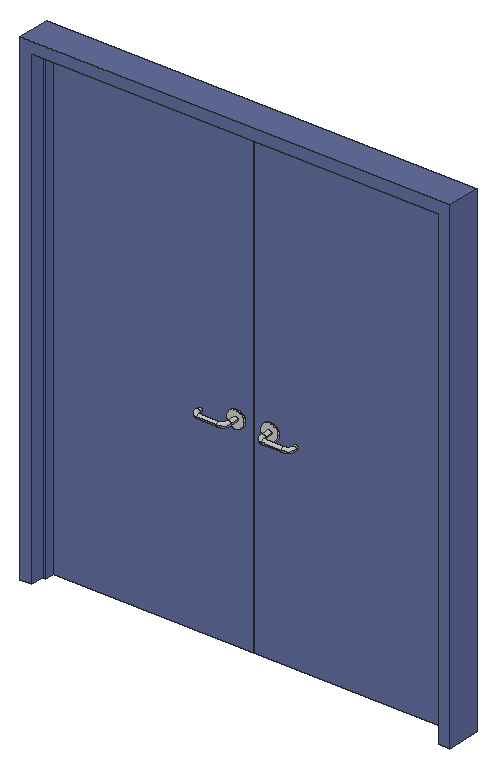
Revit family "Door_BulletResistant_Ambico_Double-Flush", category Doors, host Wall, Revit 2026
Family settings
  Host = Wall
  Classification Number = 23.30.10.21.14
  Always vertical = Yes
  Cut with Voids When Loaded = No
  Shared = No
  Room Calculation Point = No
Parameters (values of type "ByType")
  ofst = 0' - 0"
  Wind Load = ""
  Water Penetration = ""
  Stop Width = 0' - 0 5/8"
  Sound Transmission Class (STC) = 0
  RO Offset = 0' - 0"
  Panel Height = Height  # 7' - 0"
  Hardware Finish = Metal - Stainless Steel - Ambico - 4 Finish
  Handle Type Interior [instance] = Handle_Generic Lever : Handle_Generic Lever
  Handle Type Exterior [instance] = Handle_Generic Lever : Handle_Generic Lever
  Handle Height [instance] = 3' - 0"
  Function = Interior
  Frame Width = 0' - 2"
  Frame Thickness = 0' - 5 7/8"
  Frame Inset from Exterior [instance] = 0' - 0"
  Frame Finish = Metal - Steel - Ambico - Painted - Blue
  Bullet Resistance = ""
  Building Code Conformance = ""
  Air Infiltration = ""
  ASTM Conformance = ""
  Panel Width = Width / 2  # 3' - 0"
  Panel Material = Metal - Steel - Ambico - Painted - Blue
  Manufacturer Phone = "613-746-4663 "
  Warranty Duration (Years) = 0
  URL = "http://www.ambico.com/"
  Thickness = 0' - 1 3/4"
  Test Data = ""
  Specification = "http://www.arcat.com/sd/clients/ambico.html?coid=40356"
  SpecWizard = ""
  Send Message = "http://www.arcat.com/users.pl?action=UserEmail&company=Ambico Limited&coid=40356&rep=119&fax=800-465-8561&mf="
  Sales Information = "http://www.ambico.com/contact.html"
  Rough Width = (Width + (RO Offset * 2))  # 6' - 0"
  Rough Height = (Height + (RO Offset))  # 7' - 0"
  R_Value = 0
  Product Properties = ""
  Product Data = "http://www.arcat.com/arcatcos/cos40/arc40356.html"
  Manufacturer Website = "http://www.ambico.com/"
  Manufacturer Phone - Toll Free = "888-423-2224"
  Manufacturer Fax = "800-465-8561"
  Manufacturer Address = "1120 Cummings Ave. Ottawa, ON Canada K1J 7R8"
  Maintenance Schedule (Months) = 0
  Installation-Fabrication = "http://www.ambico.com/specs-a-cads-library.html"
  Installation Phase = ""
  Green Building-LEED = "http://www.arcat.com/green/clients/leed_data_40356.html"
  Model = "As Specified"
  Manufacturer = "Ambico Limited"
  Keynote = "08300"
  Height = 7' - 0"
  Wall Closure = By host
  Width = 6' - 0"
  Fire Rating = "As Specified in 08300"
  Expected Lifespan (Years) = 0
  Drawn By = "Sumex Design, Inc. / Robert S. Weygant, CSI, CDT, SCIP"
  Description = "Ambico Door as Specified"
  Copyright = "©Arcat Inc."
  Construction Details = "http://www.arcat.com/details/ambico/ambico.html?coid=40356"
  Building Codes = ""
  Assembly Code = ""
  ADA Compliant = yes
  AAMA Designation = ""
Reference planes (in)
  plane 1 "Center (Front/Back)": y = -34.46225
  plane 2 "Center (Left/Right)": x = 62.28704
  plane 3: z = 0
  plane 4 "Right": x = 100.28704
  plane 5 "Left": x = 24.28704
  plane 6 "Closure": y = -36.46225
  plane 7: z = 0
  plane 8 "Top of Frame": z = 86
  plane 9 "RO Top": z = 86
  plane 10 "RO Right": x = 100.28704
  plane 11 "RO Left": x = 24.28704
  plane 12 "Frame Ext": y = -31.96225
  plane 13 "Frame Int": y = -37.83725
  plane 14: x = 98.28704
  plane 15: x = 26.28704
  plane 16: z = 84
  plane 17: z = 36
  plane 18: y = -33.71225
  plane 19: y = -33.71225
  plane 20: y = -31.96225
Forms (in)
  Sweep 1, solid, material "Metal - Steel - Ambico - Painted - Blue" <- "Frame Finish"
    path origin (1.99114, -31.96225, 48) x (-1, 0, 0) y (0, 0, 1)
      loop
        line (-98.2959, -48) -> (-98.2959, 38) -> (-22.2959, 38) -> (-22.2959, -48)
    profile "P_Frame_Standard : P_Frame_Standard" origin (100.28704, -31.96225, 43) x (1, 0, 0) y (0, 1, 0)
      loop
        line (0, 0) -> (-2, 0) -> (-2, -1.9375) -> (-2.625, -1.9375) -> (-2.625, -3.4375) -> (-2, -3.4375) -> (-2, -5.875) -> (0, -5.875) -> (0, 0)
  Sweep 2, solid, material "Metal - Steel - Ambico - Painted - Blue" <- "Panel Material"
    path in 3D
      loop
        line (62.28704, -31.96225, 84) -> (62.28704, -31.96225, 0)
    profile origin (62.28704, -31.96225, 42) x (1, 0, 0) y (0, 1, 0)
      loop
        line (1, 0) -> (1, 0.25) -> (-1, 0.25) -> (-1, 0) -> (1, 0)
Lines and regions (in)
  Opening 1
    outline origin (-109.33485, -36.46225, 0) x (1, 0, 0) y (0, 0, 1)
      loop
        line (133.62189, 0) -> (209.62189, 0) -> (209.62189, 86) -> (133.62189, 86) -> (133.62189, 0)
  sketch lines
    curve 1: line (62.28704, -31.96225, 84) -> (62.28704, -31.96225, 0)
Text (in)
  text "Exterior" at (50.54558, 27.31104, 0), in view "A101 - Plan View"
  text "Interior" at (50.54558, -25.14366, 0), in view "A101 - Plan View"
  text "Exterior" at (0, -17.98638, 123.01588), in view "Right"
  text "Interior" at (0, -64.39139, 123.01588), in view "Right"
  text "Interior" at (0, -52.09468, 121.14095), in view "Left"
  text "Exterior" at (0, 26.35325, 123.00693), in view "Left"
Dimensions and locks (in)
  equal spacing: plane 4 "Right", plane 2 "Center (Left/Right)", plane 5 "Left"
  "RO Offset": plane 5 "Left" to plane 11 "RO Left"
  "RO Offset": plane 10 "RO Right" to plane 4 "Right"
  "RO Offset": plane 9 "RO Top" to plane 8 "Top of Frame"
  "Frame Thickness": plane 12 "Frame Ext" to plane 13 "Frame Int"
  "Frame Width": plane 16 to plane 8 "Top of Frame"
  "Frame Width": plane 4 "Right" to plane 14
  "Frame Width": plane 5 "Left" to plane 15
  "Frame Inset from Exterior": plane 20 to plane 12 "Frame Ext"
  "Handle Height": level to plane 17
  locked: plane 2 "Center (Left/Right)" to nested 3 at 3
  locked: plane 2 "Center (Left/Right)" to nested 2 at 3
  "Thickness": plane 12 "Frame Ext" to plane 19
  "ofst": plane 18 to plane 19
  locked: plane 20 to host wall at 0.5
  "Height": level to plane 16
  "Width": plane 15 to plane 14
  locked: plane 2 "Center (Left/Right)" to nested 5 at 3
  locked: plane 2 "Center (Left/Right)" to nested 6 at 3
  aligned and locked: host wall to plane 1 "Center (Front/Back)"
  aligned and locked: host wall to plane 6 "Closure"
  aligned and locked: plane 12 "Frame Ext" to nested 1
  aligned and locked: plane 17 to nested 3
  aligned and locked: nested 2 to plane 17
  aligned and locked: nested 1 to plane 14
  aligned and locked: nested 4 to plane 15
  aligned and locked: plane 12 "Frame Ext" to nested 4
  aligned and locked: plane 17 to nested 5
  aligned and locked: nested 6 to plane 17
Automatic sketch dimensions
  Opening 1 sketch curve to plane 9 "RO Top" = 0' - 0"
  Opening 1 sketch curve to plane 11 "RO Left" = 0' - 0"
  Opening 1 sketch curve to plane 10 "RO Right" = 0' - 0"
  Opening 1 sketch curve to level = 0' - 0"
  Sweep 1 sketch curve to plane 4 "Right" = 0' - 0"
  Sweep 1 sketch curve to plane 5 "Left" = 0' - 0"
  Sweep 1 sketch curve to level = 0' - 0"  (x2)
  Sweep 1 sketch curve to plane 8 "Top of Frame" = 0' - 0"
  Sweep 2 sketch curve to profile plane = 0' - 0"
  Sweep 2 sketch curve to profile plane = 0' - 1"
  profile plane to Sweep 2 sketch curve = 0' - 1"
  Sweep 2 sketch curve to profile plane = 0' - 0 1/4"
Nested families (in)
  nested 1: "Panel_Flush" at (80.28704, -32.83725, 0) x (-1, 0, 0) z (0, 0, 1), Material <- "Panel Material", Width <- "Panel Width", Thickness <- "Thickness", Height <- "Panel Height", type "Panel_Flush"
    with offset 0' - 0", Width 3' - 0", Thickness 0' - 1 3/4", Material Metal - Steel - Ambico - Painted - Blue, Height 7' - 0", Applied Panel no
  nested 2: "Handle_Generic Lever" at (65.28704, -31.96225, 36) x (-1, 0, 0) z (0, 1, 0), Material <- "Hardware Finish", type <- "Handle Type Exterior", type "Handle_Generic Lever"
    with Material Metal - Stainless Steel - Ambico - 4 Finish
  nested 3: "Handle_Generic Lever" at (65.28704, -33.71225, 36) x (-1, 0, 0) z (0, -1, 0), Material <- "Hardware Finish", type <- "Handle Type Interior", type "Handle_Generic Lever"
    with Material Metal - Stainless Steel - Ambico - 4 Finish
  nested 4: "Panel_Flush" at (44.28704, -32.83725, 0), Material <- "Panel Material", Width <- "Panel Width", Thickness <- "Thickness", Height <- "Panel Height", type "Panel_Flush"
    with offset 0' - 0", Width 3' - 0", Thickness 0' - 1 3/4", Material Metal - Steel - Ambico - Painted - Blue, Height 7' - 0", Applied Panel no
  nested 5: "Handle_Generic Lever" at (59.28704, -31.96225, 36) x (1, 0, 0) z (0, 1, 0), Material <- "Hardware Finish", type <- "Handle Type Exterior", type "Handle_Generic Lever"
    with Material Metal - Stainless Steel - Ambico - 4 Finish
  nested 6: "Handle_Generic Lever" at (59.28704, -33.71225, 36) x (1, 0, 0) z (0, -1, 0), Material <- "Hardware Finish", type <- "Handle Type Interior", type "Handle_Generic Lever"
    with Material Metal - Stainless Steel - Ambico - 4 Finish
Definition of nested family "Panel_Flush"
  Parameters
    offset [instance] = 0' - 0"
    Width [instance] = 3' - 0"
    Warranty Duration (Years) = 0
    URL = "http://www.ambico.com/"
    Thickness [instance] = 0' - 2"
    Specification = "http://www.arcat.com/sd/clients/ambico.html?coid=40356"
    SpecWizard = ""
    Send Message = "http://www.arcat.com/users.pl?action=UserEmail&company=Ambico Limited&coid=40356&rep=119&fax=800-465-8561&mf="
    Sales Information = "http://www.ambico.com/contact.html"
    Revision = "R1_03-2012"
    Product Properties = ""
    Product Data = "http://www.arcat.com/arcatcos/cos40/arc40356.html"
    Model = "As Specified"
    Material [instance] = none
    Manufacturer Website = "http://www.ambico.com/"
    Manufacturer Phone - Toll Free = "888-423-2224"
    Manufacturer Phone = "613-746-4663 "
    Manufacturer Fax = "800-465-8561"
    Manufacturer Address = "1120 Cummings Ave. Ottawa, ON Canada K1J 7R8"
    Manufacturer = "Ambico Limited"
    Maintenance Schedule (Months) = 0
    Keynote = "08300"
    Installation-Fabrication = "http://www.ambico.com/specs-a-cads-library.html"
    Installation Phase = ""
    Height [instance] = 7' - 0"
    Green Building-LEED = "http://www.arcat.com/green/clients/leed_data_40356.html"
    Expected Lifespan (Years) = 0
    Drawn By = "Sumex Design, Inc. / Robert S. Weygant, CSI, CDT, SCIP"
    Description = "Ambico Door Product as Specified"
    Default Elevation = 4' - 0"
    Copyright = "©Arcat Inc."
    Construction Details = "http://www.arcat.com/details/ambico/ambico.html?coid=40356"
    Assembly Code = ""
    Applied Panel [instance] = yes
  Reference planes (in)
    plane 1 "Center (Front/Back)": y = 0
    plane 2 "Bottom": z = 0
    plane 3 "Center (Left/Right)": x = 0
    plane 4 "Front": y = -1
    plane 5 "Back": y = 1
    plane 6 "Left": x = -18
    plane 7 "Right": x = 18
    plane 8 "Top": z = 84
    plane 9: z = 42
  Forms (in)
    Extrusion 1, solid, material <- "Material"
      sketch origin (0, 1, 0) x (-1, 0, 0) y (0, 0, 1)
        loop
          line (18, 84) -> (-18, 84) -> (-18, 0) -> (18, 0) -> (18, 84)
      from 0 to -2
    Extrusion 2, solid, material <- "Material", visible <- "Applied Panel"
      sketch origin (-11.94222, -1, 48) x (-1, 0, 0) y (0, 0, 1)
        loop
          line (5.55778, 35.5) -> (-29.44222, 35.5) -> (-29.44222, -48) -> (5.55778, -48) -> (5.55778, 35.5)
      from 0 to -1
  Lines and regions (in)
    symbolic lines
      curve 1: line (18, 0, 84) -> (-18, 0, 42)
      curve 2: line (-18, 0, 42) -> (18, 0, 0)
      curve 3: arc (18, 1, 0) -> (7.45584, 26.45584, 0) -> (-18, 37, 0) r 36
      curve 4: line (-18, 37, 0) -> (-18, 1, 0)
  Dimensions and locks (in)
    equal spacing: plane 6 "Left", plane 3 "Center (Left/Right)", plane 7 "Right"
    "Width": plane 6 "Left" to plane 7 "Right"
    equal spacing: plane 5 "Back", plane 1 "Center (Front/Back)", plane 4 "Front"
    "Thickness": plane 5 "Back" to plane 4 "Front"
    "Height": plane 8 "Top" to level
    equal spacing: plane 8 "Top", plane 9, level
    aligned and locked: Extrusion 1 to plane 4 "Front"
  Automatic sketch dimensions
    Extrusion 1 sketch curve to plane 7 "Right" = 0' - 0"
    Extrusion 1 sketch curve to level = 0' - 0"
    Extrusion 1 sketch curve to plane 6 "Left" = 0' - 0"
    Extrusion 1 sketch curve to plane 8 "Top" = 0' - 0"
    curve 1 to plane 6 "Left" = 0' - 0"
    curve 2 to level = 0' - 0"
    curve 2 to plane 7 "Right" = 0' - 0"
    curve 1 to plane 7 "Right" = 0' - 0"
    curve 1 to plane 9 = 0' - 0"
    curve 1 to plane 8 "Top" = 0' - 0"
    curve 4 to plane 5 "Back" = 0' - 0"
    curve 3 to plane 6 "Left" = 0' - 0"
    curve 3 to plane 5 "Back" = 0' - 0"
    curve 3 to plane 7 "Right" = 0' - 0"
    Extrusion 2 sketch curve to level = 0' - 0"
    Extrusion 2 sketch curve to plane 7 "Right" = 0' - 0 1/2"
    plane 6 "Left" to Extrusion 2 sketch curve = 0' - 0 1/2"
    Extrusion 2 sketch curve to plane 8 "Top" = 0' - 0 1/2"
Definition of nested family "Handle_Generic Lever"
  Parameters
    Material [instance] = none
    Default Elevation = 4' - 0"
  Reference planes (in)
    plane 1 "Center (Front/Back)": y = 0
    plane 2: z = 0
    plane 3 "Center (Left/Right)": x = 0
  Forms (in)
    Sweep 1, solid, material <- "Material"
      path origin (0, 0, 0) x (1, 0, 0) y (0, 0, 1)
        loop
          line (0, 0) -> (0, 1.76511)
          arc (0, 1.76511) -> (-0.29289, 2.47221) -> (-1, 2.76511) r 1
          line (-1, 2.76511) -> (-4.5, 2.76511)
          arc (-4.5, 2.76511) -> (-5.20711, 2.47221) -> (-5.5, 1.76511) r 1
          line (-5.5, 1.76511) -> (-5.5, 1.26511)
      profile origin (0, 0, 0.88255) x (-1, 0, 0) y (0, -1, 0)
        loop
          circle (0, 0) r 0.375
    Extrusion 2, solid, material <- "Material"
      sketch origin (0, 0, 0) x (1, 0, 0) y (0, 1, 0)
        loop
          circle (0, 0) r 1.5
      from 0 to 0.25
  Cuts and joins
    joined: Sweep 1, Extrusion 2
